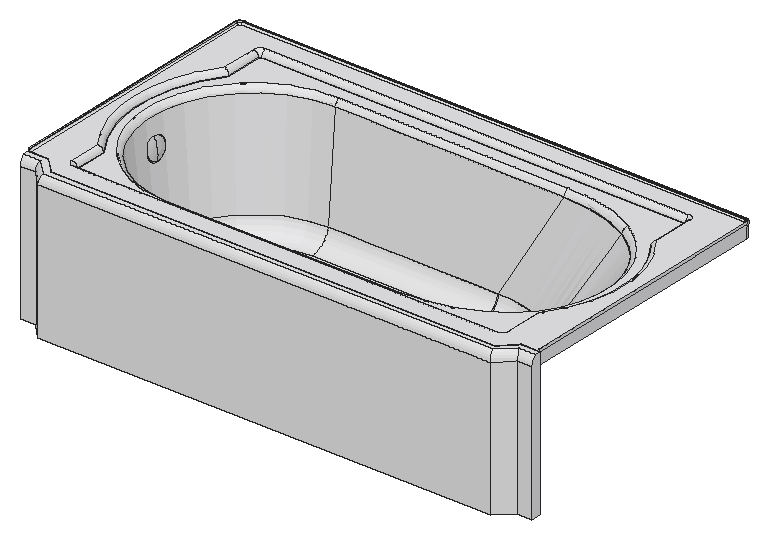
Revit family "Bath-Alcove-KOHLER-Memoirs-K-722", category Plumbing Fixtures, host Face, Revit 2015
Parameters (values of type "0-White")
  Width = 33 3/4"  # constant formula
  Waste Water Outlet = "Waste Water Outlet"  # constant formula
  Waste Connection = yes
  Vent Connection = no
  URL = "https://www.us.kohler.com/us/"
  Type = 1
  Product Page URL = "http://www.us.kohler.com/us/catalog/productDetails.jsp?productNumber=722"
  Product Name = "Memoirs"  # constant formula
  Product Documentation Link = "http://www.us.kohler.com/onlinecatalog/pdf/K-722_spec.pdf"
  Model = if(Type = 1, "K-722-0", if(Type = 2, "K-722-96", if(Type = 3, "K-722-47", if(Type = 4, "K-722-NY", if(Type = 5, "K-722-G9", "0")))))  # "K-722-0"
  Material = "Enameled cast iron"  # constant formula
  MasterFormat 2004 = "22.41.19"  # constant formula
  MasterFormat 1995 = "15410"  # constant formula
  Manufacturer Address = "444 Highland Dr, Kohler, WI 53044"  # constant formula
  Manufacturer = "KOHLER Co."  # constant formula
  Length = 60"  # constant formula
  Hot Water Inlet = "Hot Water Inlet"  # constant formula
  Height = 17 7/16"  # constant formula
  HW Connection = no
  Finish = Kohler-Enameled_Cast_Iron-0-White
  Environmental Product Declaration = ""
  Drain Included = 1 = 0  # no
  Description = "60 inch x 32 inch alcove bath with right-hand drain"  # constant formula
  Default Elevation = 0"
  Declare Label = ""
  Date Modified = "01/17/2018"  # constant formula
  Date Created = "01/17/2018"  # constant formula
  Copyright = "Copyright KOHLER Co."  # constant formula
  Contact Us = "https://www.us.kohler.com/us/static/contact.jsp"
  Cold Water Inlet = "Cold Water Inlet"  # constant formula
  CW Connection = no
  Assembly Code = "D2010500"
  ADA Compliant = yes
Types (6): name | Type | Model | Finish
  (no name) | 1 | "K-722-0" | Kohler-Enameled_Cast_Iron-0-White
  0-White | 1 | "K-722-0" | Kohler-Enameled_Cast_Iron-0-White
  96-Biscuit | 2 | "K-722-96" | Kohler-Enameled_Cast_Iron-96-Biscuit
  47-Almond | 3 | "K-722-47" | Kohler-Enameled_Cast_Iron-47-Almond
  NY-Dune | 4 | "K-722-NY" | Kohler-Enameled_Cast_Iron-NY-Dune
  G9-Sandbar | 5 | "K-722-G9" | Kohler-Enameled_Cast_Iron-G9-Sandbar
Reference planes
  plane 1 "Center (Front/Back)": y = 0
  plane 2: z = 0
  plane 3 "Center (Left/Right)": x = 0
  plane 4: x = -762.095
  plane 5: x = 761.905
  plane 6: y = -427.207
  plane 7: y = 430.043
  plane 8: z = 442.912
Dimensions and locks
  "Length": plane 5 to plane 4
  "Width": plane 7 to plane 6
  "Height": plane 8 to level
  aligned and locked: plane 2 to host face
  aligned and locked: level to host face
Automatic sketch dimensions
  host sketch curve to host sketch curve = 96"  (x2)
Nested families
  nested 1: "K-722" at (0, 0, 0), type "K-722"
Connectors
  piping at (-527.05, 0, 27.111), diameter 50.8, driven by "Waste Connection", driven by "Waste Water Outlet"
    settings: on nested 1, index 1, connector inside diameter 24", connector length 0", flow factor 0, pipe flow 0 GPM, pressure drop 0.00 psi, fitting loss kfactor 0, connector angle 0.00°, fixture units 0, engagement length 0", angle of deflection 0.00°, flow configuration 0, flow direction 2, fitting loss method 0, system type 16, joint type 0, gender type 0, connector reference index -1, connector utility 1, adjustable connector no, is connector primary yes, connector description "Waste Water Outlet"
Definition of nested family "K-722"
  Parameters (values of type "K-722")
    Material = none
    Finish = none
  Reference planes
    plane 1 "Center (Front/Back)": y = 0
    plane 2: z = 0
    plane 3 "Center (Left/Right)": x = 0
    plane 4: z = 1943.1
    plane 5: z = 413.638
    plane 6: z = 442.912
    plane 7: y = -429
    plane 8: y = 428.25
    plane 9: x = -762
    plane 10: x = 762
  Forms (mm)
    Blend 1, solid, material <- "Finish"
      base sketch origin (0, 0, 0) x (1, 0, 0) y (0, 1, 0)
        loop
          arc (-371.304, 278.535) -> (-649.842, -0.003) -> (-371.304, -278.541) r 278.538
          line (-371.304, -278.541) -> (135.482, -278.541)
          spline (135.482, -278.541) -> (154.884, -277.9) -> (174.279, -276.403) -> (193.583, -273.965) -> (212.712, -270.499) -> (231.579, -265.915) -> (250.097, -260.124) -> (268.166, -253.042) -> (285.645, -244.612) -> (302.389, -234.8) -> (318.256, -223.609) -> (333.084, -211.118) -> (346.816, -197.36)
          arc (346.816, -197.36) -> (423.576, -0.052) -> (346.886, 197.283) r 292.1
          spline (346.886, 197.283) -> (333.143, 211.053) -> (318.304, 223.553) -> (302.427, 234.752) -> (285.669, 244.573) -> (268.174, 253.011) -> (250.093, 260.098) -> (231.571, 265.892) -> (212.707, 270.476) -> (193.589, 273.944) -> (174.297, 276.387) -> (154.878, 277.889) -> (135.371, 278.535)
          line (135.371, 278.535) -> (-371.304, 278.535)
      top sketch origin (0, 0, 0) x (1, 0, 0) y (0, 1, 0)
        loop
          arc (565.793, -265.843) -> (716.118, 0) -> (565.793, 265.843) r 310.228
          spline (565.793, 265.843) -> (551.742, 273.756) -> (536.866, 281.088) -> (521.165, 287.839) -> (504.639, 294.01) -> (487.288, 299.6) -> (469.112, 304.608) -> (450.112, 309.036) -> (430.286, 312.883) -> (409.635, 316.149) -> (388.159, 318.834) -> (365.858, 320.939) -> (342.732, 322.462)
          line (342.732, 322.462) -> (-376.821, 322.462)
          arc (-376.821, 322.462) -> (-699.283, 0) -> (-376.821, -322.462) r 322.462
          line (-376.821, -322.462) -> (342.732, -322.462)
          spline (342.732, -322.462) -> (365.858, -320.939) -> (388.159, -318.834) -> (409.635, -316.149) -> (430.286, -312.883) -> (450.112, -309.036) -> (469.112, -304.608) -> (487.288, -299.6) -> (504.639, -294.01) -> (521.165, -287.839) -> (536.866, -281.088) -> (551.742, -273.756) -> (565.793, -265.843)
      from 93.615 to 398.281
    Blend 2, void
      base sketch origin (0, 0, 0) x (1, 0, 0) y (0, 1, 0)
        loop
          arc (342.135, -193.069) -> (417.226, -0.052) -> (342.205, 192.993) r 285.75
          spline (342.205, 192.993) -> (328.763, 206.454) -> (314.25, 218.661) -> (298.714, 229.59) -> (282.315, 239.164) -> (265.197, 247.381) -> (247.508, 254.275) -> (229.39, 259.906) -> (210.943, 264.358) -> (192.258, 267.724) -> (173.411, 270.092) -> (154.42, 271.553) -> (135.331, 272.185)
          line (135.331, 272.185) -> (-371.304, 272.185)
          arc (-371.304, 272.185) -> (-643.492, -0.003) -> (-371.304, -272.191) r 272.188
          line (-371.304, -272.191) -> (135.443, -272.191)
          spline (135.443, -272.191) -> (154.427, -271.566) -> (173.371, -270.114) -> (192.223, -267.749) -> (210.926, -264.384) -> (229.388, -259.931) -> (247.512, -254.301) -> (265.191, -247.411) -> (282.293, -239.202) -> (298.677, -229.637) -> (314.203, -218.716) -> (328.706, -206.518) -> (342.135, -193.069)
      top sketch origin (0, 0, 0) x (1, 0, 0) y (0, 1, 0)
        loop
          arc (520.381, 249.968) -> (417.305, 291.058) -> (307.031, 303.413) r 415.672
          line (307.031, 303.413) -> (-375.625, 303.115)
          arc (-375.625, 303.115) -> (-678.844, 6.522) -> (-389.294, -303.429) r 303.429
          line (-389.294, -303.429) -> (306.969, -303.429)
          arc (306.969, -303.429) -> (416.972, -289.86) -> (520.381, -249.968) r 452.692
          arc (520.381, -249.968) -> (666.437, 0) -> (520.381, 249.968) r 286.932
      from 93.615 to 398.281
    Extrusion 3, solid, material <- "Finish"
      sketch origin (0, 0, 0) x (1, 0, 0) y (0, 1, 0)
        loop
          arc (-375.625, 303.115) -> (-678.844, 6.522) -> (-389.294, -303.429) r 303.429
          line (-389.294, -303.429) -> (306.969, -303.429)
          arc (306.969, -303.429) -> (416.972, -289.86) -> (520.381, -249.968) r 452.692
          arc (520.381, -249.968) -> (666.437, 0) -> (520.381, 249.968) r 286.932
          arc (520.381, 249.968) -> (417.008, 289.872) -> (307.031, 303.413) r 451.769
          line (307.031, 303.413) -> (-375.625, 303.115)
        loop
          line (-640.445, 348.699) -> (-640.445, 237.058)
          arc (-640.445, 237.058) -> (-718.675, 5.335) -> (-640.641, -226.454) r 382.786
          line (-640.641, -226.454) -> (-640.641, -326.123)
          arc (-640.641, -326.123) -> (-638.89, -330.351) -> (-634.662, -332.102) r 5.979
          line (-634.662, -332.102) -> (623.328, -332.102)
          arc (623.328, -332.102) -> (629.345, -329.61) -> (631.837, -323.593) r 8.509
          line (631.837, -323.593) -> (631.837, -204.884)
          arc (631.837, -204.884) -> (706.015, 8.692) -> (630.364, 221.75) r 341.166
          line (630.364, 221.75) -> (630.364, 350.985)
          arc (630.364, 350.985) -> (629.282, 353.596) -> (626.67, 354.678) r 3.694
          line (626.67, 354.678) -> (-634.466, 354.678)
          arc (-634.466, 354.678) -> (-638.694, 352.927) -> (-640.445, 348.699) r 5.979
      from 398.281 to 416.813
    Sweep 4, solid, material <- "Finish"
      path origin (0, 0, 0) x (1, 0, 0) y (0, 1, 0)
        loop
          line (135.371, 278.535) -> (-371.304, 278.535)
          arc (-371.304, 278.535) -> (-649.842, -0.003) -> (-371.304, -278.541) r 278.538
          line (-371.304, -278.541) -> (135.482, -278.541)
          spline (135.482, -278.541) -> (158.113, -277.712) -> (179.832, -275.803) -> (200.638, -272.815) -> (220.53, -268.748) -> (239.511, -263.602) -> (257.578, -257.376) -> (274.733, -250.072) -> (290.975, -241.688) -> (306.304, -232.225) -> (320.721, -221.682) -> (334.225, -210.061) -> (346.816, -197.36)
          arc (346.816, -197.36) -> (423.576, -0.052) -> (346.886, 197.283) r 292.1
          spline (346.886, 197.283) -> (334.284, 209.995) -> (320.769, 221.627) -> (306.339, 232.178) -> (290.997, 241.65) -> (274.741, 250.041) -> (257.571, 257.352) -> (239.488, 263.583) -> (220.492, 268.733) -> (200.582, 272.804) -> (179.758, 275.794) -> (158.021, 277.705) -> (135.371, 278.535)
      profile origin (257.571, 257.352, 0) x (0.358592, 0.933494, 0) y (0, 0, 1)
        loop
          spline (-64.933, 35.235) -> (-59.071, 35.822) -> (-52.033, 37.521) -> (-44.295, 40.237) -> (-36.335, 43.876) -> (-28.628, 48.345) -> (-21.652, 53.55) -> (-15.735, 59.387) -> (-10.852, 65.731) -> (-6.919, 72.454) -> (-3.854, 79.428) -> (-1.575, 86.525) -> (0, 93.615)
          line (0, 93.615) -> (-6.35, 93.615)
          spline (-6.35, 93.615) -> (-7.542, 88.324) -> (-9.399, 82.526) -> (-11.982, 76.449) -> (-15.354, 70.324) -> (-19.577, 64.379) -> (-24.714, 58.844) -> (-30.751, 53.917) -> (-37.441, 49.699) -> (-44.494, 46.274) -> (-51.621, 43.725) -> (-58.531, 42.134) -> (-64.933, 41.585)
          line (-64.933, 41.585) -> (-93.111, 41.585) -> (-93.111, 35.235) -> (-64.933, 35.235)
    Extrusion 5, solid, material <- "Finish"
      sketch origin (0, 0, 0) x (1, 0, 0) y (0, 1, 0)
        loop
          spline (134.992, -185.43) -> (152.954, -184.742) -> (169.669, -183.247) -> (185.141, -181.003) -> (199.384, -178.07) -> (212.449, -174.509) -> (224.397, -170.379) -> (235.298, -165.73) -> (245.266, -160.573) -> (254.422, -154.908) -> (262.886, -148.719) -> (270.768, -141.93) -> (278.173, -134.449)
          arc (278.173, -134.449) -> (330.465, -0.052) -> (278.243, 134.372) r 198.989
          spline (278.243, 134.372) -> (270.827, 141.865) -> (262.934, 148.664) -> (254.457, 154.862) -> (245.288, 160.535) -> (235.307, 165.699) -> (224.391, 170.354) -> (212.427, 174.489) -> (199.345, 178.055) -> (185.085, 180.992) -> (169.596, 183.238) -> (152.863, 184.735) -> (134.881, 185.424)
          line (134.881, 185.424) -> (-371.304, 185.424)
          arc (-371.304, 185.424) -> (-556.731, -0.003) -> (-371.304, -185.43) r 185.427
          line (-371.304, -185.43) -> (134.992, -185.43)
      from 35.235 to 41.585
    Revolve 6, solid, material <- "Finish"
      sketch origin (0, 0, 0) x (1, 0, 0) y (0, 0, 1)
        loop
          line (-552.45, 21.917) -> (-552.45, 27.111) -> (-527.05, 27.111) -> (-527.05, 35.235) -> (-587.925, 35.235)
          arc (-587.925, 35.235) -> (-575.078, 30.809) -> (-564.008, 22.931) r 47.562
          arc (-564.008, 22.931) -> (-562.84, 22.18) -> (-561.477, 21.917) r 3.667
          line (-561.477, 21.917) -> (-552.45, 21.917)
        axis (-527.05, 35.235) -> (-527.05, 21.917)
      angle from 0 to 360
    Extrusion 7, solid, material <- "Finish"
      sketch origin (0, 0, 0) x (1, 0, 0) y (0, 1, 0)
        loop
          line (251.968, 103.616) -> (203.708, 103.616) -> (203.708, 154.527) -> (201.17, 154.527) -> (201.17, 103.616) -> (152.996, 103.616) -> (152.996, 154.527) -> (150.461, 154.527) -> (150.461, 103.616) -> (102.287, 103.616) -> (102.287, 154.527) -> (99.751, 154.527) -> (99.751, 103.616) -> (51.03, 103.616) -> (51.03, 154.527) -> (48.494, 154.527) -> (48.494, 103.616) -> (0.866, 103.616) -> (0.866, 154.527) -> (-1.67, 154.527) -> (-1.67, 103.616) -> (-49.844, 103.616) -> (-49.844, 154.527) -> (-52.38, 154.527) -> (-52.38, 103.616) -> (-101.101, 103.616) -> (-101.101, 154.527) -> (-103.637, 154.527) -> (-103.637, 103.616) -> (-151.265, 103.616) -> (-151.265, 154.527) -> (-153.801, 154.527) -> (-153.801, 103.616) -> (-201.975, 103.616) -> (-201.975, 154.527) -> (-204.511, 154.527) -> (-204.511, 103.616) -> (-253.232, 103.616) -> (-253.232, 154.527) -> (-255.768, 154.527) -> (-255.768, 103.616) -> (-303.396, 103.616) -> (-303.396, 154.527) -> (-305.932, 154.527) -> (-305.932, 103.616) -> (-354.106, 103.616) -> (-354.106, 154.527) -> (-356.642, 154.527) -> (-356.642, 103.616) -> (-405.363, 103.616) -> (-405.363, 154.527) -> (-407.899, 154.527) -> (-407.899, 103.616) -> (-455.527, 103.616) -> (-455.527, 100.208) -> (-407.899, 100.208) -> (-407.899, 52.702) -> (-455.527, 52.702) -> (-455.527, 49.293) -> (-407.899, 49.293) -> (-407.899, 2.367) -> (-455.527, 2.367) -> (-455.527, -1.042) -> (-407.899, -1.042) -> (-407.899, -50.113) -> (-455.527, -50.113) -> (-455.527, -53.521) -> (-407.899, -53.521) -> (-407.899, -99.983) -> (-455.527, -99.983) -> (-455.527, -103.391) -> (-407.899, -103.391) -> (-407.899, -152.986) -> (-405.363, -152.986) -> (-405.363, -103.391) -> (-356.642, -103.391) -> (-356.642, -152.986) -> (-354.106, -152.986) -> (-354.106, -103.391) -> (-305.932, -103.391) -> (-305.932, -152.986) -> (-303.396, -152.986) -> (-303.396, -103.391) -> (-255.768, -103.391) -> (-255.768, -152.986) -> (-253.232, -152.986) -> (-253.232, -103.391) -> (-204.511, -103.391) -> (-204.511, -152.986) -> (-201.975, -152.986) -> (-201.975, -103.391) -> (-153.801, -103.391) -> (-153.801, -152.986) -> (-151.265, -152.986) -> (-151.265, -103.391) -> (-103.637, -103.391) -> (-103.637, -152.986) -> (-101.101, -152.986) -> (-101.101, -103.391) -> (-52.38, -103.391) -> (-52.38, -152.986) -> (-49.844, -152.986) -> (-49.844, -103.391) -> (-1.67, -103.391) -> (-1.67, -152.986) -> (0.866, -152.986) -> (0.866, -103.391) -> (48.494, -103.391) -> (48.494, -152.986) -> (51.03, -152.986) -> (51.03, -103.391) -> (99.751, -103.391) -> (99.751, -152.986) -> (102.287, -152.986) -> (102.287, -103.391) -> (150.461, -103.391) -> (150.461, -152.986) -> (152.996, -152.986) -> (152.996, -103.391) -> (201.17, -103.391) -> (201.17, -152.986) -> (203.708, -152.986) -> (203.708, -103.391) -> (251.968, -103.391) -> (251.968, -152.986) -> (254.6, -152.986) -> (254.6, -102.346) -> (297.859, -102.346) -> (297.859, -99.983) -> (254.6, -99.983) -> (254.6, -52.835) -> (297.859, -52.835) -> (297.859, -50.113) -> (254.6, -50.113) -> (254.6, -0.261) -> (297.859, -0.261) -> (297.859, 2.367) -> (254.6, 2.367) -> (254.6, 49.981) -> (297.859, 49.981) -> (297.859, 52.702) -> (254.6, 52.702) -> (254.6, 100.982) -> (297.859, 100.982) -> (297.859, 103.616) -> (254.6, 103.616) -> (254.6, 154.527) -> (251.968, 154.527) -> (251.968, 103.616)
        loop
          line (251.968, 52.702) -> (251.968, 100.208) -> (203.708, 100.208) -> (203.708, 52.702) -> (251.968, 52.702)
        loop
          line (251.968, 2.367) -> (251.968, 49.293) -> (203.708, 49.293) -> (203.708, 2.367) -> (251.968, 2.367)
        loop
          line (251.968, -50.113) -> (251.968, -1.042) -> (203.708, -1.042) -> (203.708, -50.113) -> (251.968, -50.113)
        loop
          line (251.968, -99.983) -> (251.968, -53.521) -> (203.708, -53.521) -> (203.708, -99.983) -> (251.968, -99.983)
        loop
          line (201.17, 100.208) -> (152.996, 100.208) -> (152.996, 52.702) -> (201.17, 52.702) -> (201.17, 100.208)
        loop
          line (201.17, 49.293) -> (152.996, 49.293) -> (152.996, 2.367) -> (201.17, 2.367) -> (201.17, 49.293)
        loop
          line (201.17, -1.042) -> (152.996, -1.042) -> (152.996, -50.113) -> (201.17, -50.113) -> (201.17, -1.042)
        loop
          line (201.17, -53.521) -> (152.996, -53.521) -> (152.996, -99.983) -> (201.17, -99.983) -> (201.17, -53.521)
        loop
          line (150.461, -99.983) -> (150.461, -53.521) -> (102.287, -53.521) -> (102.287, -99.983) -> (150.461, -99.983)
        loop
          line (150.461, -50.113) -> (150.461, -1.042) -> (102.287, -1.042) -> (102.287, -50.113) -> (150.461, -50.113)
        loop
          line (150.461, 2.367) -> (150.461, 49.293) -> (102.287, 49.293) -> (102.287, 2.367) -> (150.461, 2.367)
        loop
          line (150.461, 52.702) -> (150.461, 100.208) -> (102.287, 100.208) -> (102.287, 52.702) -> (150.461, 52.702)
        loop
          line (99.751, 100.208) -> (51.03, 100.208) -> (51.03, 52.702) -> (99.751, 52.702) -> (99.751, 100.208)
        loop
          line (99.751, 49.293) -> (51.03, 49.293) -> (51.03, 2.367) -> (99.751, 2.367) -> (99.751, 49.293)
        loop
          line (99.751, -1.042) -> (51.03, -1.042) -> (51.03, -50.113) -> (99.751, -50.113) -> (99.751, -1.042)
        loop
          line (99.751, -53.521) -> (51.03, -53.521) -> (51.03, -99.983) -> (99.751, -99.983) -> (99.751, -53.521)
        loop
          line (48.494, -99.983) -> (48.494, -53.521) -> (0.866, -53.521) -> (0.866, -99.983) -> (48.494, -99.983)
        loop
          line (48.494, -50.113) -> (48.494, -1.042) -> (0.866, -1.042) -> (0.866, -50.113) -> (48.494, -50.113)
        loop
          line (48.494, 2.367) -> (48.494, 49.293) -> (0.866, 49.293) -> (0.866, 2.367) -> (48.494, 2.367)
        loop
          line (48.494, 52.702) -> (48.494, 100.208) -> (0.866, 100.208) -> (0.866, 52.702) -> (48.494, 52.702)
        loop
          line (-1.67, -99.983) -> (-1.67, -53.521) -> (-49.844, -53.521) -> (-49.844, -99.983) -> (-1.67, -99.983)
        loop
          line (-1.67, -50.113) -> (-1.67, -1.042) -> (-49.844, -1.042) -> (-49.844, -50.113) -> (-1.67, -50.113)
        loop
          line (-1.67, 2.367) -> (-1.67, 49.293) -> (-49.844, 49.293) -> (-49.844, 2.367) -> (-1.67, 2.367)
        loop
          line (-1.67, 52.702) -> (-1.67, 100.208) -> (-49.844, 100.208) -> (-49.844, 52.702) -> (-1.67, 52.702)
        loop
          line (-52.38, 100.208) -> (-101.101, 100.208) -> (-101.101, 52.702) -> (-52.38, 52.702) -> (-52.38, 100.208)
        loop
          line (-52.38, 49.293) -> (-101.101, 49.293) -> (-101.101, 2.367) -> (-52.38, 2.367) -> (-52.38, 49.293)
        loop
          line (-52.38, -1.042) -> (-101.101, -1.042) -> (-101.101, -50.113) -> (-52.38, -50.113) -> (-52.38, -1.042)
        loop
          line (-52.38, -53.521) -> (-101.101, -53.521) -> (-101.101, -99.983) -> (-52.38, -99.983) -> (-52.38, -53.521)
        loop
          line (-103.637, -99.983) -> (-103.637, -53.521) -> (-151.265, -53.521) -> (-151.265, -99.983) -> (-103.637, -99.983)
        loop
          line (-103.637, -50.113) -> (-103.637, -1.042) -> (-151.265, -1.042) -> (-151.265, -50.113) -> (-103.637, -50.113)
        loop
          line (-103.637, 2.367) -> (-103.637, 49.293) -> (-151.265, 49.293) -> (-151.265, 2.367) -> (-103.637, 2.367)
        loop
          line (-103.637, 52.702) -> (-103.637, 100.208) -> (-151.265, 100.208) -> (-151.265, 52.702) -> (-103.637, 52.702)
        loop
          line (-153.801, -99.983) -> (-153.801, -53.521) -> (-201.975, -53.521) -> (-201.975, -99.983) -> (-153.801, -99.983)
        loop
          line (-153.801, -50.113) -> (-153.801, -1.042) -> (-201.975, -1.042) -> (-201.975, -50.113) -> (-153.801, -50.113)
        loop
          line (-153.801, 2.367) -> (-153.801, 49.293) -> (-201.975, 49.293) -> (-201.975, 2.367) -> (-153.801, 2.367)
        loop
          line (-153.801, 52.702) -> (-153.801, 100.208) -> (-201.975, 100.208) -> (-201.975, 52.702) -> (-153.801, 52.702)
        loop
          line (-204.511, 100.208) -> (-253.232, 100.208) -> (-253.232, 52.702) -> (-204.511, 52.702) -> (-204.511, 100.208)
        loop
          line (-204.511, 49.293) -> (-253.232, 49.293) -> (-253.232, 2.367) -> (-204.511, 2.367) -> (-204.511, 49.293)
        loop
          line (-204.511, -1.042) -> (-253.232, -1.042) -> (-253.232, -50.113) -> (-204.511, -50.113) -> (-204.511, -1.042)
        loop
          line (-204.511, -53.521) -> (-253.232, -53.521) -> (-253.232, -99.983) -> (-204.511, -99.983) -> (-204.511, -53.521)
        loop
          line (-255.768, -99.983) -> (-255.768, -53.521) -> (-303.396, -53.521) -> (-303.396, -99.983) -> (-255.768, -99.983)
        loop
          line (-255.768, -50.113) -> (-255.768, -1.042) -> (-303.396, -1.042) -> (-303.396, -50.113) -> (-255.768, -50.113)
        loop
          line (-255.768, 2.367) -> (-255.768, 49.293) -> (-303.396, 49.293) -> (-303.396, 2.367) -> (-255.768, 2.367)
        loop
          line (-255.768, 52.702) -> (-255.768, 100.208) -> (-303.396, 100.208) -> (-303.396, 52.702) -> (-255.768, 52.702)
        loop
          line (-305.932, -99.983) -> (-305.932, -53.521) -> (-354.106, -53.521) -> (-354.106, -99.983) -> (-305.932, -99.983)
        loop
          line (-305.932, -50.113) -> (-305.932, -1.042) -> (-354.106, -1.042) -> (-354.106, -50.113) -> (-305.932, -50.113)
        loop
          line (-305.932, 2.367) -> (-305.932, 49.293) -> (-354.106, 49.293) -> (-354.106, 2.367) -> (-305.932, 2.367)
        loop
          line (-305.932, 52.702) -> (-305.932, 100.208) -> (-354.106, 100.208) -> (-354.106, 52.702) -> (-305.932, 52.702)
        loop
          line (-356.642, 100.208) -> (-405.363, 100.208) -> (-405.363, 52.702) -> (-356.642, 52.702) -> (-356.642, 100.208)
        loop
          line (-356.642, 49.293) -> (-405.363, 49.293) -> (-405.363, 2.367) -> (-356.642, 2.367) -> (-356.642, 49.293)
        loop
          line (-356.642, -1.042) -> (-405.363, -1.042) -> (-405.363, -50.113) -> (-356.642, -50.113) -> (-356.642, -1.042)
        loop
          line (-356.642, -53.521) -> (-405.363, -53.521) -> (-405.363, -99.983) -> (-356.642, -99.983) -> (-356.642, -53.521)
      from 0 to 35.235
    Revolve 8, solid
      sketch origin (0, 0, 0) x (1, 0, 0) y (0, 0, 1)
        loop
          line (-527.05, 35.235) -> (-527.05, 47.226)
          arc (-527.05, 47.226) -> (-543.432, 46.229) -> (-559.572, 43.252) r 135.047
          arc (-559.572, 43.252) -> (-559.926, 42.737) -> (-559.458, 42.323) r 0.472
          line (-559.458, 42.323) -> (-531.361, 42.323) -> (-531.361, 35.235) -> (-527.05, 35.235)
        axis (-527.05, 47.226) -> (-527.05, 35.235)
      angle from 0 to 360
    Revolve 9, solid
      sketch origin (3.969, 0, 0) x (1, 0, 0) y (0, 0, 1)
        loop
          line (-684.96, 318.528) -> (-666.245, 321.828)
          arc (-666.245, 321.828) -> (-670.434, 338.537) -> (-676.951, 354.483) r 121.192
          arc (-676.951, 354.483) -> (-677.651, 355.19) -> (-678.635, 355.336) r 1.574
          line (-678.635, 355.336) -> (-683.733, 354.437) -> (-678.219, 323.169) -> (-685.55, 321.877) -> (-684.96, 318.528)
        axis (-666.245, 321.828) -> (-684.96, 318.528)
      angle from 0 to 360
    Extrusion 10, void
      sketch origin (0, 0, 0) x (1, 0, 0) y (0, 0, 1)
        loop
          arc (297.859, 31.75) -> (288.56, 9.299) -> (266.109, 0) r 31.75
          line (266.109, 0) -> (243.808, 0) -> (243.808, -17.76) -> (316.909, -17.76) -> (316.909, 35.235) -> (297.859, 35.235) -> (297.859, 31.75)
        loop
          arc (-423.777, 0) -> (-446.227, 9.299) -> (-455.527, 31.75) r 31.75
          line (-455.527, 31.75) -> (-455.527, 35.235) -> (-478.537, 35.235) -> (-478.537, -24.021) -> (-389.637, -24.021) -> (-389.637, 0) -> (-423.777, 0)
      from -214.922 to 206.59
    Extrusion 11, void
      sketch origin (0, 0, 0) x (0, 1, 0) y (0, 0, 1)
        loop
          arc (154.527, 31.75) -> (145.227, 9.299) -> (122.777, 0) r 31.75
          line (122.777, 0) -> (110.077, 0) -> (110.077, -21.915) -> (179.927, -21.915) -> (179.927, 35.235) -> (154.527, 35.235) -> (154.527, 31.75)
        loop
          line (-178.386, 35.235) -> (-178.386, -21.915) -> (-108.536, -21.915) -> (-108.536, 0) -> (-121.236, 0)
          arc (-121.236, 0) -> (-143.686, 9.299) -> (-152.986, 31.75) r 31.75
          line (-152.986, 31.75) -> (-152.986, 35.235) -> (-178.386, 35.235)
      from -465.625 to 304.8
    Extrusion 12, solid, material <- "Finish"
      sketch origin (0, 0, 0) x (1, 0, 0) y (0, 1, 0)
        loop
          line (251.968, -99.983) -> (251.968, -53.521) -> (203.708, -53.521) -> (203.708, -99.983) -> (251.968, -99.983)
        loop
          line (251.968, 52.702) -> (251.968, 100.208) -> (203.708, 100.208) -> (203.708, 52.702) -> (251.968, 52.702)
        loop
          line (-305.932, -99.983) -> (-305.932, -53.521) -> (-354.106, -53.521) -> (-354.106, -99.983) -> (-305.932, -99.983)
        loop
          line (-305.932, 52.702) -> (-305.932, 100.208) -> (-354.106, 100.208) -> (-354.106, 52.702) -> (-305.932, 52.702)
      from 0 to 35.235
    Sweep 13, solid, material <- "Finish"
      path origin (0, 0, 25.4) x (1, 0, 0) y (0, 1, 0)
        loop
          line (762, -354.947) -> (762, 415.55)
          arc (762, 415.55) -> (758.28, 424.53) -> (749.3, 428.25) r 12.7
          line (749.3, 428.25) -> (-749.3, 428.25)
          arc (-749.3, 428.25) -> (-758.28, 424.53) -> (-762, 415.55) r 12.7
          line (-762, 415.55) -> (-762, -354.947)
      profile origin (762, 30.301, 25.4) x (-1, -0.000001, 0) y (0, 0, 1)
        loop
          line (2.749, 414.355) -> (2.545, 416.013)
          arc (2.545, 416.013) -> (2.262, 416.55) -> (1.694, 416.766) r 0.857
          line (1.694, 416.766) -> (0, 416.766) -> (0, 408.568) -> (6.265, 408.568)
          arc (6.265, 408.568) -> (3.884, 411.083) -> (2.749, 414.355) r 8.234
    Extrusion 14, solid, material <- "Finish"
      sketch origin (0, 0, 25.4) x (1, 0, 0) y (0, 1, 0)
        loop
          line (-640.445, 348.699) -> (-640.445, 237.058)
          arc (-640.445, 237.058) -> (-718.675, 5.335) -> (-640.641, -226.454) r 382.786
          line (-640.641, -226.454) -> (-640.641, -326.123)
          arc (-640.641, -326.123) -> (-638.89, -330.351) -> (-634.662, -332.102) r 5.979
          line (-634.662, -332.102) -> (623.328, -332.102)
          arc (623.328, -332.102) -> (629.345, -329.61) -> (631.837, -323.593) r 8.509
          line (631.837, -323.593) -> (631.837, -204.884)
          arc (631.837, -204.884) -> (706.015, 8.692) -> (630.364, 221.75) r 341.166
          line (630.364, 221.75) -> (630.364, 350.985)
          arc (630.364, 350.985) -> (629.282, 353.596) -> (626.67, 354.678) r 3.694
          line (626.67, 354.678) -> (-634.466, 354.678)
          arc (-634.466, 354.678) -> (-638.694, 352.927) -> (-640.445, 348.699) r 5.979
        loop
          arc (762, 415.513) -> (758.27, 424.519) -> (749.264, 428.25) r 12.736
          line (749.264, 428.25) -> (-749.436, 428.25)
          arc (-749.436, 428.25) -> (-758.32, 424.57) -> (-762, 415.686) r 12.563
          line (-762, 415.686) -> (-762, -354.947) -> (-704.686, -354.947) -> (-661.07, -398.563) -> (661.069, -398.563) -> (704.684, -354.947) -> (762, -354.947) -> (762, 415.513)
      from 372.881 to 408.568
    Sweep 15, void
      path origin (-4.835, -3.819, 22.798) x (1, 0, 0) y (0, 1, 0)
        loop
          line (-629.827, -347.704) -> (628.163, -347.704)
          arc (628.163, -347.704) -> (647.913, -339.523) -> (656.093, -319.774) r 27.93
          line (656.093, -319.774) -> (656.093, -207.742)
          arc (656.093, -207.742) -> (730.271, 12.54) -> (654.62, 232.321) r 360.587
          line (654.62, 232.321) -> (654.62, 354.804)
          arc (654.62, 354.804) -> (647.85, 371.148) -> (631.505, 377.918) r 23.115
          line (631.505, 377.918) -> (-629.631, 377.918)
          arc (-629.631, 377.918) -> (-647.591, 370.479) -> (-655.031, 352.518) r 25.4
          line (-655.031, 352.518) -> (-655.031, 247.339)
          arc (-655.031, 247.339) -> (-733.26, 9.158) -> (-655.227, -229.087) r 402.207
          line (-655.227, -229.087) -> (-655.227, -322.304)
          arc (-655.227, -322.304) -> (-647.787, -340.264) -> (-629.827, -347.704) r 25.4
      profile origin (-5.667, -351.523, 22.798) x (0, 1, 0) y (0, 0, 1)
        loop
          line (19.421, 412.448) -> (-2.196, 412.448)
          arc (-2.196, 412.448) -> (12.008, 407.214) -> (19.421, 394.015) r 21.892
          line (19.421, 394.015) -> (19.421, 412.448)
    Sweep 16, solid, material <- "Finish"
      path origin (0, -42.067, 416.813) x (1, 0, 0) y (0, 1, 0)
        loop
          line (-762, -340.059) -> (-715.943, -340.059) -> (-672.328, -383.674) -> (672.326, -383.674) -> (715.942, -340.059) -> (762, -340.059)
      profile origin (-0.001, -425.741, 416.813) x (0, 1, 0) y (0, 0, 1)
        loop
          line (27.178, -416.813) -> (27.178, 17.155) -> (11.075, 17.155)
          arc (11.075, 17.155) -> (1.139, 4.963) -> (-3.26, -10.138) r 39.549
          line (-3.26, -10.138) -> (-3.26, -416.813) -> (27.178, -416.813)
    Sweep 17, void
      path origin (0, 0, 416.813) x (1, 0, 0) y (0, 1, 0)
        loop
          arc (-375.625, 303.115) -> (-678.844, 6.522) -> (-389.294, -303.429) r 303.429
          line (-389.294, -303.429) -> (306.969, -303.429)
          arc (306.969, -303.429) -> (416.972, -289.86) -> (520.381, -249.968) r 452.692
          arc (520.381, -249.968) -> (666.437, 0) -> (520.381, 249.968) r 286.932
          arc (520.381, 249.968) -> (417.305, 291.058) -> (307.031, 303.413) r 415.672
          line (307.031, 303.413) -> (-375.625, 303.115)
      profile origin (-34.297, 303.264, 416.813) x (-0.000438, 1, 0) y (0, 0, 1)
        loop
          arc (-1.308, -27.909) -> (3.57, -10.688) -> (17.053, 1.084) r 31.454
          line (17.053, 1.084) -> (-4.58, 1.084) -> (-4.58, -27.909) -> (-1.308, -27.909)
  Cuts and joins
    Sweep 17 cuts Extrusion 3
    Sweep 17 cuts Extrusion 5
    Sweep 17 cuts Revolve 6
    Extrusion 10, Extrusion 11, Sweep 17 cuts Extrusion 7
    joined: Extrusion 3, Extrusion 5, Revolve 6, Extrusion 7
    joined: Revolve 8, Revolve 9
    Blend 2, Sweep 15 cuts Blend 1
    Sweep 15 cuts Extrusion 14
  Lines and regions (mm)
    Masking region 1
      outline origin (0, 0, 0) x (0, 1, 0) y (0, 0, 1)
        loop
          line (-354.947, 398.281) -> (-330.698, 398.281) -> (-278.535, 93.615)
          arc (-278.535, 93.615) -> (-256.212, 53.142) -> (-213.601, 35.235) r 70.402
          line (-213.601, 35.235) -> (-152.986, 35.235) -> (-152.986, 31.75)
          arc (-152.986, 31.75) -> (-143.686, 9.299) -> (-121.236, 0) r 31.75
          line (-121.236, 0) -> (122.777, 0)
          arc (122.777, 0) -> (145.227, 9.299) -> (154.527, 31.75) r 31.75
          line (154.527, 31.75) -> (154.527, 35.235) -> (213.601, 35.235)
          arc (213.601, 35.235) -> (256.212, 53.142) -> (278.535, 93.615) r 70.402
          line (278.535, 93.615) -> (330.698, 398.281) -> (428.25, 398.281) -> (428.25, 442.166) -> (-397.351, 442.166)
          arc (-397.351, 442.166) -> (-419.105, 429.708) -> (-429, 406.675) r 39.549
          line (-429, 406.675) -> (-429, 0) -> (-354.947, 0) -> (-354.947, 398.281)
    Masking region 2
      outline origin (0, 0, 0) x (1, 0, 0) y (0, 1, 0)
        loop
          line (749.3, 428.25) -> (-749.3, 428.25)
          arc (-749.3, 428.25) -> (-758.28, 424.53) -> (-762, 415.55) r 12.7
          line (-762, 415.55) -> (-762, -385.385) -> (-717.293, -385.385) -> (-673.678, -429) -> (673.677, -429) -> (717.292, -385.385) -> (762, -385.385) -> (762, 415.55)
          arc (762, 415.55) -> (758.28, 424.53) -> (749.3, 428.25) r 12.7
    Masking region 3
      outline origin (0, 0, 0) x (1, 0, 0) y (0, 0, 1)
        loop
          line (-762, 442.166) -> (-762, 0) -> (762, 0) -> (762, 442.166) -> (-762, 442.166)
    symbolic lines, detail levels medium+fine
      curve 1: line (-762, 0, 378.41) -> (762, 0, 378.41)
      curve 2: line (0, 152.49, 35.235) -> (0, -152.191, 35.235)
      curve 3: line (0, 103.616, 0) -> (0, 103.616, 35.235)
      curve 4: line (0, 100.208, 35.235) -> (0, 100.208, 0)
      curve 5: line (0, 49.293, 35.235) -> (0, 49.293, 0)
      curve 6: line (0, 52.702, 0) -> (0, 52.702, 35.235)
      curve 7: line (0, 2.367, 0) -> (0, 2.367, 35.235)
      curve 8: line (0, -1.042, 35.235) -> (0, -1.042, 0)
      curve 9: line (0, -50.113, 0) -> (0, -50.113, 35.235)
      curve 10: line (0, -53.521, 35.235) -> (0, -53.521, 0)
      curve 11: line (0, -99.983, 0) -> (0, -99.983, 35.235)
      curve 12: line (0, -103.391, 35.235) -> (0, -103.391, 0)
      curve 13: spline (-677.629, -35.15, 0) -> (-678.426, -34.85, 0) -> (-679.209, -33.953, 0) -> (-679.965, -32.475, 0) -> (-680.681, -30.441, 0) -> (-681.345, -27.887, 0) -> (-681.945, -24.855, 0) -> (-682.471, -21.398, 0) -> (-682.915, -17.575, 0) -> (-683.268, -13.451, 0) -> (-683.525, -9.098, 0) -> (-683.681, -4.588, 0) -> (-683.733, 0, 0)
      curve 14: spline (-683.733, 0, 0) -> (-683.681, 4.588, 0) -> (-683.525, 9.098, 0) -> (-683.268, 13.451, 0) -> (-682.915, 17.575, 0) -> (-682.471, 21.398, 0) -> (-681.945, 24.855, 0) -> (-681.345, 27.887, 0) -> (-680.681, 30.441, 0) -> (-679.965, 32.475, 0) -> (-679.209, 33.953, 0) -> (-678.426, 34.85, 0) -> (-677.629, 35.15, 0)
      curve 15: circle (-527.066, 0, 0) r 27.23 normal (0, 0, 1)
      curve 16: line (-677.629, 35.15, 0) -> (-672.358, 35.15, 0)
      curve 17: line (-677.629, -35.15, 0) -> (-672.358, -35.15, 0)
      curve 18: spline (-666.254, 0, 0) -> (-666.306, -4.588, 0) -> (-666.462, -9.098, 0) -> (-666.719, -13.451, 0) -> (-667.072, -17.575, 0) -> (-667.516, -21.398, 0) -> (-668.042, -24.855, 0) -> (-668.642, -27.887, 0) -> (-669.306, -30.441, 0) -> (-670.022, -32.475, 0) -> (-670.778, -33.953, 0) -> (-671.561, -34.85, 0) -> (-672.358, -35.15, 0)
      curve 19: spline (-672.358, 35.15, 0) -> (-671.561, 34.85, 0) -> (-670.778, 33.953, 0) -> (-670.022, 32.475, 0) -> (-669.306, 30.441, 0) -> (-668.642, 27.887, 0) -> (-668.042, 24.855, 0) -> (-667.516, 21.398, 0) -> (-667.072, 17.575, 0) -> (-666.719, 13.451, 0) -> (-666.462, 9.098, 0) -> (-666.306, 4.588, 0) -> (-666.254, 0, 0)
      curve 20: line (0, -354.947, 398.281) -> (0, 358.775, 398.281)
      curve 21: line (-752.492, 415.812, 0) -> (-752.492, -354.947, 0)
      curve 22: line (650.659, -211.358, 0) -> (650.659, -323.593, 0)
      curve 23: arc (650.659, -323.593, 0) -> (642.654, -342.918, 0) -> (623.328, -350.923, 0) r 27.331
      curve 24: line (623.328, -350.923, 0) -> (-634.662, -350.923, 0)
      curve 25: arc (-634.662, -350.923, 0) -> (-652.199, -343.659, 0) -> (-659.463, -326.123, 0) r 24.801
      curve 26: line (-659.463, -326.123, 0) -> (-659.463, -232.71, 0)
      curve 27: arc (-659.463, -232.71, 0) -> (-737.496, 5.338, 0) -> (-659.267, 243.323, 0) r 401.607
      curve 28: line (-659.267, 243.323, 0) -> (-659.267, 348.699, 0)
      curve 29: arc (-659.267, 348.699, 0) -> (-652.003, 366.236, 0) -> (-634.466, 373.5, 0) r 24.801
      curve 30: line (-634.466, 373.5, 0) -> (626.67, 373.5, 0)
      curve 31: arc (626.67, 373.5, 0) -> (642.591, 366.905, 0) -> (649.185, 350.985, 0) r 22.515
      curve 32: line (649.185, 350.985, 0) -> (649.185, 228.296, 0)
      curve 33: arc (649.185, 228.296, 0) -> (724.836, 8.72, 0) -> (650.659, -211.358, 0) r 359.988
      curve 34: line (631.837, -323.593, 0) -> (631.837, -204.884, 0)
      curve 35: arc (631.837, -204.884, 0) -> (706.015, 8.692, 0) -> (630.364, 221.75, 0) r 341.166
      curve 36: line (630.364, 221.75, 0) -> (630.364, 350.985, 0)
      curve 37: arc (630.364, 350.985, 0) -> (629.282, 353.596, 0) -> (626.67, 354.678, 0) r 3.694
      curve 38: line (626.67, 354.678, 0) -> (-634.466, 354.678, 0)
      curve 39: arc (-634.466, 354.678, 0) -> (-638.694, 352.927, 0) -> (-640.445, 348.699, 0) r 5.979
      curve 40: line (-640.445, 348.699, 0) -> (-640.445, 237.058, 0)
      curve 41: arc (-640.445, 237.058, 0) -> (-718.675, 5.335, 0) -> (-640.641, -226.454, 0) r 382.786
      curve 42: line (-640.641, -226.454, 0) -> (-640.641, -326.123, 0)
      curve 43: arc (-640.641, -326.123, 0) -> (-638.89, -330.351, 0) -> (-634.662, -332.102, 0) r 5.979
      curve 44: line (-634.662, -332.102, 0) -> (623.328, -332.102, 0)
      curve 45: arc (623.328, -332.102, 0) -> (629.345, -329.61, 0) -> (631.837, -323.593, 0) r 8.509
      curve 46: arc (-371.304, 185.424, 0) -> (-556.731, -0.003, 0) -> (-371.304, -185.43, 0) r 185.427
      curve 47: line (134.881, 185.424, 0) -> (-371.304, 185.424, 0)
      curve 48: line (-371.304, -185.43, 0) -> (134.992, -185.43, 0)
      curve 49: line (278.243, 134.372, 0) -> (134.881, 185.424, 0)
      curve 50: arc (278.173, -134.449, 0) -> (330.465, -0.052, 0) -> (278.243, 134.372, 0) r 198.989
      curve 51: line (134.992, -185.43, 0) -> (278.173, -134.449, 0)
      curve 52: arc (-389.629, -318.334, 0) -> (-693.749, 6.686, 0) -> (-375.632, 318.019, 0) r 318.334
      curve 53: line (-375.632, 318.019, 0) -> (306.863, 318.318, 0)
      curve 54: arc (527.699, 262.952, 0) -> (681.342, -0.083, 0) -> (527.554, -263.034, 0) r 301.837
      curve 55: arc (306.863, 318.318, 0) -> (421.007, 305.496, 0) -> (527.699, 262.952, 0) r 430.577
      curve 56: arc (527.554, -263.034, 0) -> (420.674, -304.298, 0) -> (306.969, -318.334, 0) r 467.597
      curve 57: line (306.969, -318.334, 0) -> (-389.629, -318.334, 0)
      curve 58: line (749.742, 418.828, 0) -> (-749.476, 418.828, 0)
      curve 59: line (752.578, 415.992, 0) -> (752.579, -354.947, 0)
      curve 60: line (704.684, -354.947, 0) -> (661.069, -398.563, 0)
      curve 61: line (-661.07, -398.563, 0) -> (-704.686, -354.947, 0)
      curve 62: arc (-749.476, 418.828, 0) -> (-751.609, 417.945, 0) -> (-752.492, 415.812, 0) r 3.016
      curve 63: arc (749.742, 418.828, 0) -> (751.747, 417.997, 0) -> (752.578, 415.992, 0) r 2.836
      curve 64: line (752.579, -354.947, 0) -> (704.684, -354.947, 0)
      curve 65: line (661.069, -398.563, 0) -> (-661.07, -398.563, 0)
      curve 66: line (-704.686, -354.947, 0) -> (-752.492, -354.947, 0)
      curve 67: line (0, -398.563, 398.281) -> (0, -398.563, 0)
      curve 68: line (0, -385.385, 0) -> (0, -385.385, 398.281)
      curve 69: arc (0, -385.191, 398.281) -> (0, -378.475, 425.92) -> (0, -354.947, 441.903) r 39.549
      curve 70: line (0, -385.191, 398.281) -> (0, -429, 398.281)
  Dimensions and locks
    Masking region 2 to Masking region 2 = 59.99997"
    plane 7 to plane 8 = 33 3/4"
    plane 6 to level = 17 7/16"
    aligned and locked: plane 2 to level
